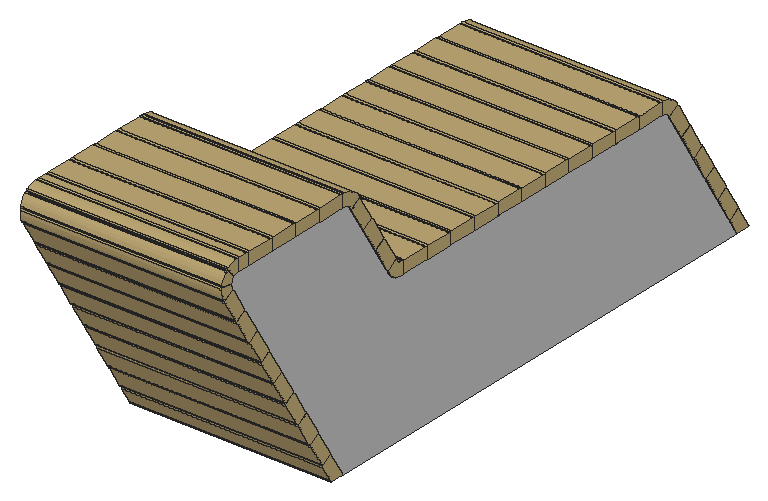
Revit family "L-FUR_벤치_YB-281_예건", category 일반 모델, Revit 2021 (continued)
Definition of nested family "YB-281_base"
  Forms (mm)
    Extrusion 23, solid, detail levels fine
      sketch origin (0, 379.572, 0) x (0, 1, 0) y (0, 0, 1)
        loop
          arc (774.231, 400) -> (772.11, 399.121) -> (771.231, 397) r 3
          line (771.231, 397) -> (771.231, 373)
          arc (771.231, 373) -> (772.11, 370.879) -> (774.231, 370) r 3
        loop
          line (847.231, 370) -> (911.231, 370)
          arc (911.231, 370) -> (913.352, 370.879) -> (914.231, 373) r 3
          line (914.231, 373) -> (914.231, 397)
          arc (914.231, 397) -> (913.352, 399.121) -> (911.231, 400) r 3
          line (911.231, 400) -> (847.231, 400)
          arc (847.231, 400) -> (845.11, 399.121) -> (844.231, 397) r 3
          line (844.231, 397) -> (844.231, 373)
          arc (844.231, 373) -> (845.11, 370.879) -> (847.231, 370) r 3
        loop
          line (920.231, 370) -> (984.231, 370)
          arc (984.231, 370) -> (986.352, 370.879) -> (987.231, 373) r 3
          line (987.231, 373) -> (987.231, 397)
          arc (987.231, 397) -> (986.352, 399.121) -> (984.231, 400) r 3
          line (984.231, 400) -> (920.231, 400)
          arc (920.231, 400) -> (918.11, 399.121) -> (917.231, 397) r 3
          line (917.231, 397) -> (917.231, 373)
          arc (917.231, 373) -> (918.11, 370.879) -> (920.231, 370) r 3
        loop
          arc (993.078, 369.974) -> (1001.915, 367.404) -> (1008.665, 361.149) r 20
          arc (1008.665, 361.149) -> (1010.502, 359.894) -> (1012.699, 360.249) r 3
          line (1012.699, 360.249) -> (1033.292, 372.605)
          arc (1033.292, 372.605) -> (1034.668, 374.486) -> (1034.282, 376.784) r 3
          arc (1034.282, 376.784) -> (1016.696, 393.51) -> (993.306, 399.984) r 50
          arc (993.306, 399.984) -> (991.136, 399.133) -> (990.231, 396.985) r 3
          line (990.231, 396.985) -> (990.231, 372.97)
          arc (990.231, 372.97) -> (991.056, 370.904) -> (993.078, 369.974) r 3
        loop
          arc (1046.167, 298.696) -> (1048.012, 297.33) -> (1050.283, 297.667) r 3
          line (1050.283, 297.667) -> (1070.862, 310.015)
          arc (1070.862, 310.015) -> (1072.229, 311.86) -> (1071.891, 314.131) r 3
          line (1071.891, 314.131) -> (1038.964, 369.011)
          arc (1038.964, 369.011) -> (1037.119, 370.378) -> (1034.848, 370.04) r 3
          line (1034.848, 370.04) -> (1014.268, 357.692)
          arc (1014.268, 357.692) -> (1012.901, 355.847) -> (1013.239, 353.576) r 3
          line (1013.239, 353.576) -> (1046.167, 298.696)
        loop
          arc (1083.725, 236.1) -> (1085.57, 234.733) -> (1087.841, 235.071) r 3
          line (1087.841, 235.071) -> (1108.421, 247.418)
          arc (1108.421, 247.418) -> (1109.788, 249.263) -> (1109.45, 251.534) r 3
          line (1109.45, 251.534) -> (1076.522, 306.414)
          arc (1076.522, 306.414) -> (1074.677, 307.781) -> (1072.406, 307.443) r 3
          line (1072.406, 307.443) -> (1051.826, 295.095)
          arc (1051.826, 295.095) -> (1050.459, 293.25) -> (1050.797, 290.979) r 3
          line (1050.797, 290.979) -> (1083.725, 236.1)
        loop
          arc (1121.283, 173.503) -> (1123.128, 172.136) -> (1125.399, 172.474) r 3
          line (1125.399, 172.474) -> (1145.979, 184.821)
          arc (1145.979, 184.821) -> (1147.346, 186.666) -> (1147.008, 188.937) r 3
          line (1147.008, 188.937) -> (1114.08, 243.817)
          arc (1114.08, 243.817) -> (1112.235, 245.184) -> (1109.964, 244.846) r 3
          line (1109.964, 244.846) -> (1089.384, 232.498)
          arc (1089.384, 232.498) -> (1088.017, 230.653) -> (1088.355, 228.382) r 3
          line (1088.355, 228.382) -> (1121.283, 173.503)
        loop
          arc (1158.841, 110.906) -> (1160.686, 109.539) -> (1162.957, 109.877) r 3
          line (1162.957, 109.877) -> (1183.537, 122.224)
          arc (1183.537, 122.224) -> (1184.904, 124.069) -> (1184.566, 126.34) r 3
          line (1184.566, 126.34) -> (1151.638, 181.22)
          arc (1151.638, 181.22) -> (1149.793, 182.587) -> (1147.522, 182.249) r 3
          line (1147.522, 182.249) -> (1126.943, 169.901)
          arc (1126.943, 169.901) -> (1125.576, 168.056) -> (1125.914, 165.785) r 3
          line (1125.914, 165.785) -> (1158.841, 110.906)
        loop
          arc (1196.399, 48.309) -> (1198.244, 46.942) -> (1200.515, 47.28) r 3
          line (1200.515, 47.28) -> (1221.095, 59.627)
          arc (1221.095, 59.627) -> (1222.462, 61.472) -> (1222.124, 63.743) r 3
          line (1222.124, 63.743) -> (1189.196, 118.623)
          arc (1189.196, 118.623) -> (1187.352, 119.99) -> (1185.081, 119.652) r 3
          line (1185.081, 119.652) -> (1164.501, 107.304)
          arc (1164.501, 107.304) -> (1163.134, 105.459) -> (1163.472, 103.188) r 3
          line (1163.472, 103.188) -> (1196.399, 48.309)
        loop
          arc (1221.103, 7.137) -> (1222.197, 6.07) -> (1223.675, 5.68) r 3
          line (1223.675, 5.68) -> (1253.43, 5.68)
          arc (1253.43, 5.68) -> (1255.17, 6.695) -> (1255.145, 8.709) r 2
          line (1255.145, 8.709) -> (1226.755, 56.026)
          arc (1226.755, 56.026) -> (1224.91, 57.393) -> (1222.639, 57.055) r 3
          line (1222.639, 57.055) -> (1202.059, 44.707)
          arc (1202.059, 44.707) -> (1200.692, 42.862) -> (1201.03, 40.591) r 3
          line (1201.03, 40.591) -> (1221.103, 7.137)
      from 0 to 500
    Extrusion 24, solid, detail levels coarse+medium
      sketch origin (0, 418.541, 0) x (0, 1, 0) y (0, 0, 1)
        loop
          line (13.511, 600) -> (-365.217, 600) -> (0, 0) -> (1225.385, 0) -> (1003.385, 370) -> (153.511, 370) -> (13.511, 600)
      from 5 to 495
    Extrusion 25, solid, detail levels coarse+medium
      sketch origin (0, 418.541, 0) x (0, 1, 0) y (0, 0, 1)
        loop
          line (-418.599, 630) -> (-38.704, 5.887) -> (-3.583, 5.887) -> (-365.217, 600) -> (13.511, 600) -> (153.511, 370) -> (1003.385, 370) -> (1221.976, 5.68) -> (1256.962, 5.68) -> (1020.37, 400) -> (170.37, 400) -> (30.37, 630) -> (-418.599, 630)
      from 0 to 500
  Dimensions and locks
    aligned and locked: level to plane 2
